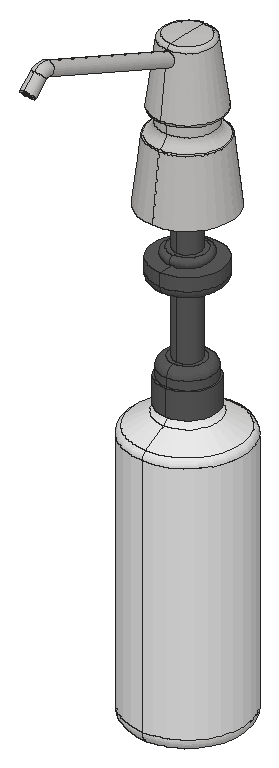
Revit family
Parameters (values of type "B-8236")
  Width = 2 9/16"
  Warranty Information = "3 Year Limited Warranty"
  URL = "http://www.bobrick.com/"
  Specification = "Top-fill counter-mounted manual foam soap dispenser shall dispense 7ml of foam using 0.5ml of commercially marketed foam soaps. Cover shall be constructed of durable die-cast zinc with bright polish finish. Spout assembly shall be type-304 stainless steel with bright polished finish. Dispenser shall be equipped with integrated funnel to facilitate re-filling of soap. Spout shall rotate 360° without damage to valve mechanism. Valve shall be operable with one hand and with less than 5 pounds of force (22.2 N) to comply with accessible design (including ADAAG in U.S.A.). Escutcheon shall lock to body with concealed locking mechanism that is opened with special key provided. Foam Dispensing assembly shall be removable from top for filling and maintenance. Shank shall accommodate mounting thicknesses up to 3'' (76mm). Translucent, shatter-resistant polyethylene container shall have a capacity of 34-fl oz (1.0-L)."
  Product Page URL = "http://www.bobrick.com/washroomaccessories/Pages/Products.aspx?Category%3dCounter-Mounted+Soap+Dispensers"
  Price = "Prices may vary. Please consult Manufacturer Representative for most up-to-date price list."  # constant formula
  Model = "B-8236"
  Material = "Stainless Steel-Bobrick-Polished"
  Manufacturer = "Bobrick Washroom Equipment, Inc"
  Length = 6"
  Installation Type = "Counter-Mounted"
  Height = 6 1/16"
  Description = "Bobrick Top-Fill Counter-Mounted Manual Foam Soap Dispenser"
  Default Elevation = 0"
  Creation Date = "1/12/2015"  # constant formula
  Assembly Code = "C1030210"
  ADA Compliant = yes
Reference planes (in)
  plane 1 "Center (Front/Back)": y = 0
  plane 2: z = 0
  plane 3 "Center (Left/Right)": x = 0
  plane 4: z = 4.5
  plane 5: y = -6
  plane 6: z = -13.5625
  plane 7: z = -3
  plane 8: y = -1.28125
  plane 9: y = 1.28125
  plane 10: z = -4
  plane 11: y = 1.65625
  plane 12: y = -1.65625
  plane 13: z = 6.0625
Forms (in)
  Revolve 1, solid, material "ABS Plastic-Bobrick-White"
    sketch origin (0, 0, 0) x (0, 1, 0) y (0, 0, 1)
      loop
        line (0, -13.5625) -> (1.28125, -13.5625)
        arc (1.28125, -13.5625) -> (1.54642, -13.45267) -> (1.65625, -13.1875) r 0.375
        line (1.65625, -13.1875) -> (1.65625, -6.04359)
        arc (1.65625, -6.04359) -> (1.62276, -5.91859) -> (1.53125, -5.82709) r 0.25
        line (1.53125, -5.82709) -> (0.87682, -5.44925)
        arc (0.87682, -5.44925) -> (0.76775, -5.36332) -> (0.6875, -5.25) r 0.48489
        line (0.6875, -5.25) -> (0.8125, -5.25) -> (0.8125, -4.5) -> (0.75, -4.5) -> (0.75, -4.25)
        arc (0.75, -4.25) -> (0.67678, -4.07322) -> (0.5, -4) r 0.25
        line (0.5, -4) -> (0.375, -4) -> (0.375, -2) -> (0.75, -2)
        arc (0.75, -2) -> (0.92678, -1.92678) -> (1, -1.75) r 0.25
        line (1, -1.75) -> (1, -1.375) -> (0.5253, -1.375)
        arc (0.5253, -1.375) -> (0.6503, -1.25) -> (0.5253, -1.125) r 0.125
        line (0.5253, -1.125) -> (0.375, -1.125) -> (0.375, 0) -> (0, 0) -> (0, -13.5625)
      axis (0, -13.5625) -> (0, 0)
    angle from 0 to 360
  Sweep 2, solid, material "Stainless Steel-Bobrick-Polished"
    path origin (0, 0.08781, -0.09162) x (0, 1, 0) y (0, 0, 1)
      loop
        line (-0.08781, 4.16054) -> (-5.1946, 6.12085)
        arc (-5.1946, 6.12085) -> (-5.46278, 6.1455) -> (-5.70431, 6.02639) r 0.49607
        line (-5.70431, 6.02639) -> (-6.08781, 5.68108)
    profile origin (0, -2.55339, 5.04908) x (0, -0.358368, -0.93358) y (1, 0, 0)
      loop
        circle (0.2, 0) r 0.2
      loop
        circle (0.2, 0) r 0.16875
  Revolve 3, solid, material "Stainless Steel-Bobrick-Polished"
    sketch origin (0, 0, 0) x (0, 1, 0) y (0, 0, 1)
      loop
        line (0, 0) -> (1.28125, 0) -> (1.06516, 1.84662)
        arc (1.06516, 1.84662) -> (1.05652, 1.86478) -> (1.0386, 1.87392) r 0.03125
        arc (1.0386, 1.87392) -> (0.8469, 1.9788) -> (0.77059, 2.18357) r 0.31289
        line (0.77059, 2.18357) -> (0.77059, 2.66749) -> (0.94727, 2.5625)
        arc (0.94727, 2.5625) -> (0.97085, 2.57325) -> (0.97822, 2.5981) r 0.03125
        line (0.97822, 2.5981) -> (0.72938, 4.36864)
        arc (0.72938, 4.36864) -> (0.69145, 4.4421) -> (0.61595, 4.47581) r 0.125
        arc (0.61595, 4.47581) -> (0.30824, 4.49494) -> (0, 4.50121) r 7.38964
        line (0, 4.50121) -> (0, 0)
      axis (0, 4.50121) -> (0, 0)
    angle from 0 to 360
Cuts and joins
  joined: Sweep 2, Revolve 3
Lines and regions (in)
  Masking region 1
    outline origin (0, 0, 0) x (0, 1, 0) y (0, 0, 1)
      loop
        line (-1.28125, -13.5625) -> (1.28125, -13.5625)
        arc (1.28125, -13.5625) -> (1.54642, -13.45267) -> (1.65625, -13.1875) r 0.375
        line (1.65625, -13.1875) -> (1.65625, -6.04359)
        arc (1.65625, -6.04359) -> (1.62276, -5.91859) -> (1.53125, -5.82709) r 0.25
        line (1.53125, -5.82709) -> (0.87682, -5.44925)
        arc (0.87682, -5.44925) -> (0.76775, -5.36332) -> (0.6875, -5.25) r 0.48489
        line (0.6875, -5.25) -> (0.8125, -5.25) -> (0.8125, -4.5) -> (0.75, -4.5) -> (0.75, -4.25)
        arc (0.75, -4.25) -> (0.67678, -4.07322) -> (0.5, -4) r 0.25
        line (0.5, -4) -> (0.375, -4) -> (0.375, -2) -> (0.75, -2)
        arc (0.75, -2) -> (0.92678, -1.92678) -> (1, -1.75) r 0.25
        line (1, -1.75) -> (1, -1.375) -> (0.5253, -1.375)
        arc (0.5253, -1.375) -> (0.6503, -1.25) -> (0.5253, -1.125) r 0.125
        line (0.5253, -1.125) -> (0.375, -1.125) -> (0.375, 0) -> (1.28125, 0) -> (1.06516, 1.84662)
        arc (1.06516, 1.84662) -> (1.05652, 1.86478) -> (1.0386, 1.87392) r 0.03125
        arc (1.0386, 1.87392) -> (0.8469, 1.9788) -> (0.77059, 2.18357) r 0.31289
        line (0.77059, 2.18357) -> (0.77059, 2.5625) -> (0.94727, 2.5625)
        arc (0.94727, 2.5625) -> (0.97085, 2.57325) -> (0.97822, 2.5981) r 0.03125
        line (0.97822, 2.5981) -> (0.72938, 4.36864)
        arc (0.72938, 4.36864) -> (0.69145, 4.4421) -> (0.61595, 4.47581) r 0.125
        arc (0.61595, 4.47581) -> (0.00629, 4.50121) -> (-0.60339, 4.47622) r 7.38964
        arc (-0.60339, 4.47622) -> (-0.69387, 4.43975) -> (-0.73058, 4.34937) r 0.125
        line (-0.73058, 4.34937) -> (-5.10681, 6.02925)
        arc (-5.10681, 6.02925) -> (-5.37497, 6.05389) -> (-5.61648, 5.93479) r 0.49603
        line (-5.61648, 5.93479) -> (-6, 5.58946) -> (-5.73235, 5.29221) -> (-5.34897, 5.6374)
        arc (-5.34897, 5.6374) -> (-5.30206, 5.66053) -> (-5.24998, 5.65575) r 0.09634
        line (-5.24998, 5.65575) -> (-0.78915, 3.94339) -> (-0.97822, 2.5981)
        arc (-0.97822, 2.5981) -> (-0.97085, 2.57325) -> (-0.94727, 2.5625) r 0.03125
        line (-0.94727, 2.5625) -> (-0.77059, 2.5625) -> (-0.77059, 2.18357)
        arc (-0.77059, 2.18357) -> (-0.8469, 1.9788) -> (-1.0386, 1.87392) r 0.31289
        arc (-1.0386, 1.87392) -> (-1.05652, 1.86478) -> (-1.06516, 1.84662) r 0.03125
        line (-1.06516, 1.84662) -> (-1.28125, 0) -> (-0.375, 0) -> (-0.375, -1.125) -> (-0.5253, -1.125)
        arc (-0.5253, -1.125) -> (-0.6503, -1.25) -> (-0.5253, -1.375) r 0.125
        line (-0.5253, -1.375) -> (-1, -1.375) -> (-1, -1.75)
        arc (-1, -1.75) -> (-0.92678, -1.92678) -> (-0.75, -2) r 0.25
        line (-0.75, -2) -> (-0.375, -2) -> (-0.375, -4) -> (-0.5, -4)
        arc (-0.5, -4) -> (-0.67678, -4.07322) -> (-0.75, -4.25) r 0.25
        line (-0.75, -4.25) -> (-0.75, -4.5) -> (-0.8125, -4.5) -> (-0.8125, -5.25) -> (-0.6875, -5.25)
        arc (-0.6875, -5.25) -> (-0.76775, -5.36332) -> (-0.87682, -5.44925) r 0.48489
        line (-0.87682, -5.44925) -> (-1.53125, -5.82709)
        arc (-1.53125, -5.82709) -> (-1.62276, -5.91859) -> (-1.65625, -6.04359) r 0.25
        line (-1.65625, -6.04359) -> (-1.65625, -13.1875)
        arc (-1.65625, -13.1875) -> (-1.54642, -13.45267) -> (-1.28125, -13.5625) r 0.375
  Masking region 2
    outline origin (0, 0, 0) x (1, 0, 0) y (0, 1, 0)
      loop
        line (-0.2, -1.26554) -> (-0.2, -5.86617)
        spline (-0.2, -5.86617) -> (-0.19319, -5.90081) -> (-0.17321, -5.93309) -> (-0.14142, -5.9608) -> (-0.1, -5.98207) -> (-0.05176, -5.99544) -> (0, -6) -> (0.05176, -5.99544) -> (0.1, -5.98207) -> (0.14142, -5.9608) -> (0.17321, -5.93309) -> (0.19319, -5.90081) -> (0.2, -5.86617)
        line (0.2, -5.86617) -> (0.2, -1.26554)
        arc (0.2, -1.26554) -> (0, 1.28125) -> (-0.2, -1.26554) r 1.28125
  Masking region 3
    outline origin (0, 0, 0) x (1, 0, 0) y (0, 0, 1)
      loop
        arc (1.28125, -13.5625) -> (1.54642, -13.45267) -> (1.65625, -13.1875) r 0.375
        line (1.65625, -13.1875) -> (1.65625, -6.04359)
        arc (1.65625, -6.04359) -> (1.62276, -5.91859) -> (1.53125, -5.82709) r 0.25
        line (1.53125, -5.82709) -> (0.87682, -5.44925)
        arc (0.87682, -5.44925) -> (0.76775, -5.36332) -> (0.6875, -5.25) r 0.48489
        line (0.6875, -5.25) -> (0.8125, -5.25) -> (0.8125, -4.5) -> (0.75, -4.5) -> (0.75, -4.25)
        arc (0.75, -4.25) -> (0.67678, -4.07322) -> (0.5, -4) r 0.25
        line (0.5, -4) -> (0.375, -4) -> (0.375, -2) -> (0.75, -2)
        arc (0.75, -2) -> (0.92678, -1.92678) -> (1, -1.75) r 0.25
        line (1, -1.75) -> (1, -1.375) -> (0.5253, -1.375)
        arc (0.5253, -1.375) -> (0.6503, -1.25) -> (0.5253, -1.125) r 0.125
        line (0.5253, -1.125) -> (0.375, -1.125) -> (0.375, 0) -> (1.28125, 0) -> (1.06516, 1.84662)
        arc (1.06516, 1.84662) -> (1.05652, 1.86478) -> (1.0386, 1.87392) r 0.03125
        arc (1.0386, 1.87392) -> (0.8469, 1.9788) -> (0.77059, 2.18357) r 0.31289
        line (0.77059, 2.18357) -> (0.77059, 2.5625) -> (0.94727, 2.5625)
        arc (0.94727, 2.5625) -> (0.97085, 2.57325) -> (0.97822, 2.5981) r 0.03125
        line (0.97822, 2.5981) -> (0.80667, 3.8187) -> (0.72938, 4.36864)
        arc (0.72938, 4.36864) -> (0.68677, 4.4463) -> (0.60339, 4.47622) r 0.125
        arc (0.60339, 4.47622) -> (0.40185, 4.49007) -> (0.2, 4.4984) r 7.38964
        line (0.2, 4.4984) -> (0.2, 5.8625)
        arc (0.2, 5.8625) -> (0, 6.0625) -> (-0.2, 5.8625) r 0.2
        line (-0.2, 5.8625) -> (-0.2, 4.64357) -> (-0.2, 4.49861)
        arc (-0.2, 4.49861) -> (-0.40814, 4.49014) -> (-0.61595, 4.47581) r 7.38964
        arc (-0.61595, 4.47581) -> (-0.69145, 4.4421) -> (-0.72938, 4.36864) r 0.125
        line (-0.72938, 4.36864) -> (-0.97822, 2.5981)
        arc (-0.97822, 2.5981) -> (-0.97085, 2.57325) -> (-0.94727, 2.5625) r 0.03125
        line (-0.94727, 2.5625) -> (-0.77059, 2.5625) -> (-0.77059, 2.18357)
        arc (-0.77059, 2.18357) -> (-0.8469, 1.9788) -> (-1.0386, 1.87392) r 0.31289
        arc (-1.0386, 1.87392) -> (-1.05652, 1.86478) -> (-1.06516, 1.84662) r 0.03125
        line (-1.06516, 1.84662) -> (-1.28125, 0) -> (-0.375, 0) -> (-0.375, -1.125) -> (-0.5253, -1.125)
        arc (-0.5253, -1.125) -> (-0.6503, -1.25) -> (-0.5253, -1.375) r 0.125
        line (-0.5253, -1.375) -> (-1, -1.375) -> (-1, -1.75)
        arc (-1, -1.75) -> (-0.92678, -1.92678) -> (-0.75, -2) r 0.25
        line (-0.75, -2) -> (-0.375, -2) -> (-0.375, -4) -> (-0.5, -4)
        arc (-0.5, -4) -> (-0.67678, -4.07322) -> (-0.75, -4.25) r 0.25
        line (-0.75, -4.25) -> (-0.75, -4.5) -> (-0.8125, -4.5) -> (-0.8125, -5.25) -> (-0.6875, -5.25)
        arc (-0.6875, -5.25) -> (-0.76775, -5.36332) -> (-0.87682, -5.44925) r 0.48489
        line (-0.87682, -5.44925) -> (-1.53125, -5.82709)
        arc (-1.53125, -5.82709) -> (-1.62276, -5.91859) -> (-1.65625, -6.04359) r 0.25
        line (-1.65625, -6.04359) -> (-1.65625, -13.1875)
        arc (-1.65625, -13.1875) -> (-1.54642, -13.45267) -> (-1.28125, -13.5625) r 0.375
        line (-1.28125, -13.5625) -> (1.28125, -13.5625)
  symbolic lines, detail levels medium+fine
    curve 1: line (0, 0.77059, 2.5625) -> (0, -0.77059, 2.5625)
    curve 2: line (0, 0.375, 0) -> (0, -0.375, 0)
    curve 3: arc (0, -0.73058, 4.34937) -> (0, -0.71062, 4.13646) -> (0, -0.7885, 3.9373) r 0.46286
    curve 4: line (0, 0.5253, -1.375) -> (0, -0.5253, -1.375)
    curve 5: line (0, 0.375, -2) -> (0, -0.343, -2)
    curve 6: line (0, 0.4375, -4) -> (0, -0.40625, -4)
    curve 7: line (0, -0.6875, -5.25) -> (0, 0.6875, -5.25)
    curve 35: line (-0.2, -1.26554, 0) -> (-0.2, -0.72284, 0)
    curve 36: line (0.2, -1.26554, 0) -> (0.2, -0.72284, 0)
    curve 37: circle (0, 0, 0) r 0.75 normal (0, 0, 1)
    curve 38: spline (-0.2, 0, 5.44083) -> (-0.19319, 0, 5.40237) -> (-0.17321, 0, 5.36652) -> (-0.14142, 0, 5.33574) -> (-0.1, 0, 5.31212) -> (-0.05176, 0, 5.29727) -> (0, 0, 5.29221) -> (0.05176, 0, 5.29727) -> (0.1, 0, 5.31212) -> (0.14142, 0, 5.33574) -> (0.17321, 0, 5.36652) -> (0.19319, 0, 5.40237) -> (0.2, 0, 5.44083) -> (0.19319, 0, 5.4793) -> (0.17321, 0, 5.51515) -> (0.14142, 0, 5.54593) -> (0.1, 0, 5.56955) -> (0.05176, 0, 5.5844) -> (0, 0, 5.58946) -> (-0.05176, 0, 5.5844) -> (-0.1, 0, 5.56955) -> (-0.14142, 0, 5.54593) -> (-0.17321, 0, 5.51515) -> (-0.19319, 0, 5.4793) -> (-0.2, 0, 5.44083)
    curve 39: spline (-0.16875, 0, 5.44083) -> (-0.163, 0, 5.47329) -> (-0.14614, 0, 5.50354) -> (-0.11932, 0, 5.52951) -> (-0.08437, 0, 5.54944) -> (-0.04368, 0, 5.56197) -> (0, 0, 5.56624) -> (0.04368, 0, 5.56197) -> (0.08438, 0, 5.54944) -> (0.11932, 0, 5.52951) -> (0.14614, 0, 5.50354) -> (0.163, 0, 5.47329) -> (0.16875, 0, 5.44083) -> (0.163, 0, 5.40838) -> (0.14614, 0, 5.37813) -> (0.11932, 0, 5.35216) -> (0.08438, 0, 5.33223) -> (0.04368, 0, 5.3197) -> (0, 0, 5.31543) -> (-0.04368, 0, 5.3197) -> (-0.08437, 0, 5.33223) -> (-0.11932, 0, 5.35216) -> (-0.14614, 0, 5.37813) -> (-0.163, 0, 5.40838) -> (-0.16875, 0, 5.44083)
    curve 40: line (-0.19999, 0, 4.49869) -> (-0.19999, 0, 4.13612)
    curve 41: line (0.19999, 0, 4.49869) -> (0.19999, 0, 4.13612)
    curve 42: arc (-0.19999, 0, 4.13612) -> (0, 0, 3.93613) -> (0.19999, 0, 4.13612) r 0.19999
    curve 43: line (-0.77059, 0, 2.5625) -> (0.77059, 0, 2.5625)
    curve 44: line (-0.375, 0, 0) -> (0.375, 0, 0)
    curve 45: line (-0.5253, 0, -1.375) -> (0.5253, 0, -1.375)
    curve 46: line (0.375, 0, -2) -> (-0.375, 0, -2)
    curve 47: line (-0.40625, 0, -4) -> (0.40625, 0, -4)
    curve 48: line (-0.6875, 0, -5.25) -> (0.6875, 0, -5.25)
  symbolic lines, detail levels fine
    curve 8: line (0, 0.75, -4.5) -> (0, 0.4375, -4.5)
    curve 9: line (0, 0.375, -1.125) -> (0, -0.375, -1.125)
    curve 10: line (0, 1.0386, 1.87392) -> (0, -1.0386, 1.87392)
    curve 11: line (0, 0.625, -1.75) -> (0, 0.625, -1.40625)
    curve 12: arc (0, 0.375, -2) -> (0, 0.55178, -1.92678) -> (0, 0.625, -1.75) r 0.25
    curve 13: line (0, 0.593, -1.75) -> (0, 0.593, -1.40625)
    curve 14: arc (0, 0.343, -2) -> (0, 0.51978, -1.92678) -> (0, 0.593, -1.75) r 0.25
    curve 15: line (0, -0.625, -1.75) -> (0, -0.625, -1.40625)
    curve 16: line (0, -0.593, -1.75) -> (0, -0.593, -1.40625)
    curve 17: arc (0, -0.343, -2) -> (0, -0.51978, -1.92678) -> (0, -0.593, -1.75) r 0.25
    curve 18: arc (0, -0.375, -2) -> (0, -0.55178, -1.92678) -> (0, -0.625, -1.75) r 0.25
    curve 19: line (0, 0.01637, -2) -> (0, 0.01637, -1.40625)
    curve 20: line (0, -0.01563, -2) -> (0, -0.01563, -1.40625)
    curve 21: line (0, 1, -1.40625) -> (0, 0.625, -1.40625)
    curve 22: line (0, 0.4375, -4) -> (0, 0.4375, -4.5)
    curve 23: line (0, 0.40625, -4) -> (0, 0.40625, -4.5)
    curve 24: line (0, -0.4375, -4) -> (0, -0.4375, -4.5)
    curve 25: line (0, -0.40625, -4) -> (0, -0.40625, -4.5)
    curve 26: line (0, -0.0161, -4) -> (0, -0.0161, -4.5)
    curve 27: line (0, 0.01515, -4) -> (0, 0.01515, -4.5)
    curve 28: line (0, 0.40625, -4.5) -> (0, 0.01515, -4.5)
    curve 29: line (0, -0.0161, -4.5) -> (0, -0.40625, -4.5)
    curve 30: line (0, -0.4375, -4.5) -> (0, -0.75, -4.5)
    curve 31: line (0, 0.593, -1.40625) -> (0, 0.01637, -1.40625)
    curve 32: line (0, -0.01563, -1.40625) -> (0, -0.593, -1.40625)
    curve 33: line (0, -0.625, -1.40625) -> (0, -1, -1.40625)
    curve 34: arc (0.2, -0.9798, 0) -> (0, 1, 0) -> (-0.2, -0.9798, 0) r 1
    curve 49: line (-0.75, 0, -4.5) -> (-0.43825, 0, -4.5)
    curve 50: line (-1.0386, 0, 1.87392) -> (1.0386, 0, 1.87392)
    curve 51: line (-0.375, 0, -1.125) -> (0.375, 0, -1.125)
    curve 52: line (1, 0, -1.40625) -> (0.625, 0, -1.40625)
    curve 53: line (-0.625, 0, -1.40625) -> (-0.625, 0, -1.75)
    curve 54: arc (-0.625, 0, -1.75) -> (-0.55178, 0, -1.92678) -> (-0.375, 0, -2) r 0.25
    curve 55: line (-0.5927, 0, -1.40625) -> (-0.5927, 0, -1.75)
    curve 56: arc (-0.5927, 0, -1.75) -> (-0.51948, 0, -1.92678) -> (-0.3427, 0, -2) r 0.25
    curve 57: line (0.625, 0, -1.40625) -> (0.625, 0, -1.75)
    curve 58: arc (0.625, 0, -1.75) -> (0.55178, 0, -1.92678) -> (0.375, 0, -2) r 0.25
    curve 59: line (0.593, 0, -1.40625) -> (0.593, 0, -1.75)
    curve 60: arc (0.593, 0, -1.75) -> (0.51978, 0, -1.92678) -> (0.343, 0, -2) r 0.25
    curve 61: line (0.01552, 0, -1.40625) -> (0.01552, 0, -2)
    curve 62: line (-0.01648, 0, -1.40625) -> (-0.01648, 0, -2)
    curve 63: line (-0.625, 0, -1.40625) -> (-1, 0, -1.40625)
    curve 64: line (-0.01648, 0, -1.40625) -> (-0.5927, 0, -1.40625)
    curve 65: line (0.593, 0, -1.40625) -> (0.01552, 0, -1.40625)
    curve 66: line (0.01552, 0, -4) -> (0.01552, 0, -4.5)
    curve 67: line (-0.01648, 0, -4) -> (-0.01648, 0, -4.5)
    curve 68: line (-0.40625, 0, -4) -> (-0.40625, 0, -4.5)
    curve 69: line (-0.43825, 0, -4) -> (-0.43825, 0, -4.5)
    curve 70: line (0.40625, 0, -4) -> (0.40625, 0, -4.5)
    curve 71: line (0.43825, 0, -4) -> (0.43825, 0, -4.5)
    curve 72: line (-0.40625, 0, -4.5) -> (-0.01648, 0, -4.5)
    curve 73: line (0.01552, 0, -4.5) -> (0.40625, 0, -4.5)
    curve 74: line (0.43825, 0, -4.5) -> (0.75, 0, -4.5)
Dimensions and locks (in)
  "Length": plane 1 "Center (Front/Back)" to plane 5
  plane 4 to level to plane 6 = 4 1/2", 13 9/16"
  plane 6 to plane 10 = 9 9/16"
  "Width": plane 9 to plane 8
  plane 11 to plane 12 = 3 5/16"
  "Height": plane 13 to level
  aligned and locked: plane 5 to Sweep 2 sketch curve
Automatic sketch dimensions
  Revolve 1 sketch curve to plane 1 "Center (Front/Back)" = 0"  (x2)
  Revolve 1 sketch curve to plane 10 = 0"
  Revolve 1 sketch curve to level = 0"
  plane 6 to Revolve 1 sketch curve = 0"
  Revolve 1 sketch curve to plane 9 = 0"
  Revolve 1 sketch curve to plane 11 = 0"
  Revolve 1 sketch curve to plane 1 "Center (Front/Back)" = 3/8"  (x2)
  Revolve 1 sketch curve to Revolve 1 sketch curve = 1/8"  (x3)
  Revolve 1 sketch curve to Revolve 1 sketch curve = 0.1503"
  Revolve 1 sketch curve to Revolve 1 sketch curve = 0"  (x2)
  Revolve 1 sketch curve to plane 9 = 19/32"
  Revolve 1 sketch curve to Revolve 1 sketch curve = 1/4"  (x3)
  Revolve 1 sketch curve to Revolve 1 sketch curve = 3/8"  (x2)
  Revolve 1 sketch curve to Revolve 1 sketch curve = 0.06432"
  Revolve 1 sketch curve to plane 9 = 9/32"
  Revolve 1 sketch curve to plane 9 = 0.16199"
  plane 9 to Revolve 1 sketch curve = 1/8"
  Revolve 1 sketch curve to plane 11 = 1/8"
  Revolve 1 sketch curve to Revolve 1 sketch curve = 1.79359"
  Revolve 1 sketch curve to Revolve 1 sketch curve = 0.37784"
  Revolve 1 sketch curve to Revolve 1 sketch curve = 0.19925"
  plane 10 to Revolve 1 sketch curve = 0.39154"
  Revolve 1 sketch curve to plane 7 = 1"
  Sweep 2 sketch curve to Sweep 2 sketch curve = 0"  (x2)
  Sweep 2 sketch curve to plane 3 "Center (Left/Right)" = 0"
  Sweep 2 sketch curve to profile plane = 0.2"
  curve 24 to plane 10 = 0"
  curve 6 to plane 10 = 0"
  curve 2 to level = 0"
  curve 3 to plane 8 = 0.11227"
  curve 10 to plane 8 = 0.24265"
  curve 33 to plane 8 = 9/32"
  curve 3 to curve 3 = 0.38048"
  curve 1 to plane 8 = 0.51066"
  curve 30 to plane 8 = 17/32"
  curve 3 to plane 4 = 0.15063"
  curve 3 to curve 3 = 0.05791"
  curve 7 to plane 8 = 19/32"
  curve 33 to curve 18 = 3/8"
  curve 15 to curve 32 = 0.032"
  curve 16 to curve 4 = 0.0677"
  curve 30 to curve 30 = 5/16"
  curve 24 to curve 6 = 1/32"
  curve 16 to curve 18 = 0.218"
  plane 1 "Center (Front/Back)" to curve 2 = 3/8"
  curve 4 to curve 9 = 0.1503"
  curve 18 to curve 5 = 0.032"
  curve 18 to curve 17 = 0.032"
  plane 1 "Center (Front/Back)" to curve 26 = 0.0161"
  plane 1 "Center (Front/Back)" to curve 32 = 1/64"
  curve 28 to plane 1 "Center (Front/Back)" = 0.01515"
  curve 19 to plane 1 "Center (Front/Back)" = 0.01637"
  curve 19 to curve 14 = 0.32662"
  curve 9 to plane 1 "Center (Front/Back)" = 3/8"
  curve 14 to curve 12 = 0.032"
  curve 2 to plane 1 "Center (Front/Back)" = 3/8"
  curve 27 to curve 28 = 0.3911"
  curve 23 to curve 6 = 1/32"
  curve 9 to curve 4 = 0.1503"
  curve 4 to curve 13 = 0.0677"
  curve 13 to curve 11 = 0.032"
  curve 7 to plane 9 = 19/32"
  curve 8 to curve 8 = 5/16"
  curve 1 to plane 9 = 0.51066"
  curve 21 to plane 9 = 9/32"
  curve 10 to plane 9 = 0.24265"
  curve 8 to plane 10 = 1/2"
  curve 30 to plane 10 = 1/2"
  curve 24 to curve 29 = 0"
  curve 23 to curve 8 = 0"
  curve 7 to curve 8 = 3/4"
  curve 5 to plane 7 = 1"
  curve 18 to curve 5 = 0"
  curve 11 to curve 21 = 11/32"
  curve 13 to curve 11 = 0"
  curve 18 to curve 33 = 11/32"
  curve 15 to curve 16 = 0"
  curve 16 to curve 4 = 1/32"
  curve 4 to curve 9 = 1/4"
  level to curve 10 = 1.87392"
  curve 10 to curve 1 = 0.68858"
  curve 3 to curve 3 = 0.41207"
  plane 1 "Center (Front/Back)" to Masking region 2 sketch curve = 0"
  Masking region 2 sketch curve to plane 3 "Center (Left/Right)" = 0"
  Masking region 2 sketch curve to Masking region 2 sketch curve = 0.2"
  Masking region 2 sketch curve to plane 8 = 0.01571"
  Masking region 2 sketch curve to Masking region 2 sketch curve = 0"
  Masking region 2 sketch curve to plane 5 = 0.13383"
  curve 34 to curve 37 = 0"  (x2)
  plane 1 "Center (Front/Back)" to curve 37 = 0"
  curve 37 to plane 3 "Center (Left/Right)" = 0"
  curve 35 to plane 3 "Center (Left/Right)" = 0.2"
  curve 36 to plane 8 = 0.55841"
  curve 35 to curve 36 = 0"
  curve 36 to plane 8 = 0.01571"
  curve 35 to plane 8 = 0.01571"
  Revolve 3 sketch curve to level = 0"
  Revolve 3 sketch curve to plane 1 "Center (Front/Back)" = 0"  (x2)
  Revolve 3 sketch curve to plane 9 = 0"
  Revolve 3 sketch curve to plane 1 "Center (Front/Back)" = 0.0038"
  Revolve 3 sketch curve to plane 4 = 0.14876"
  Revolve 3 sketch curve to plane 1 "Center (Front/Back)" = 0.6056"
  Revolve 3 sketch curve to plane 4 = 0.02419"
  Revolve 3 sketch curve to Revolve 3 sketch curve = 0.01035"
  Revolve 3 sketch curve to Revolve 3 sketch curve = 0"  (x2)
  Revolve 3 sketch curve to plane 4 = 0.13136"
  Revolve 3 sketch curve to plane 9 = 0.51066"
  Revolve 3 sketch curve to Revolve 3 sketch curve = 0.17668"
  Revolve 3 sketch curve to Revolve 3 sketch curve = 0.03095"
  Revolve 3 sketch curve to plane 9 = 0.24713"
  Revolve 3 sketch curve to Revolve 3 sketch curve = 0.00448"
  Revolve 3 sketch curve to Revolve 3 sketch curve = 0.03104"
  Revolve 3 sketch curve to plane 9 = 0.19778"
  level to Revolve 3 sketch curve = 1.84299"
  Revolve 3 sketch curve to Revolve 3 sketch curve = 0.37893"
  Revolve 3 sketch curve to Revolve 3 sketch curve = 1/32"
  Revolve 3 sketch curve to Revolve 3 sketch curve = 0.07374"
  Revolve 3 sketch curve to Revolve 3 sketch curve = 0.59239"
  Revolve 3 sketch curve to Revolve 3 sketch curve = 0.46721"
  Masking region 3 sketch curve to Masking region 3 sketch curve = 0"  (x9)
  Masking region 3 sketch curve to plane 6 = 0"
  Masking region 3 sketch curve to level = 0"  (x2)
  Masking region 3 sketch curve to plane 10 = 0"  (x2)
  Masking region 3 sketch curve to plane 3 "Center (Left/Right)" = 0"
  Masking region 3 sketch curve to plane 3 "Center (Left/Right)" = 0.0038"
  Masking region 3 sketch curve to plane 3 "Center (Left/Right)" = 0.2"
  Masking region 3 sketch curve to plane 3 "Center (Left/Right)" = 3/8"  (x2)
  Masking region 3 sketch curve to Masking region 3 sketch curve = 1/8"  (x9)
  Masking region 3 sketch curve to Masking region 3 sketch curve = 0.1503"  (x2)
  Masking region 3 sketch curve to plane 4 = 0.14876"
  Masking region 3 sketch curve to Masking region 3 sketch curve = 0.4056"
  Masking region 3 sketch curve to plane 4 = 0.02419"
  Masking region 3 sketch curve to Masking region 3 sketch curve = 0.01035"
  Masking region 3 sketch curve to plane 3 "Center (Left/Right)" = 11/16"
  Masking region 3 sketch curve to plane 4 = 0.13136"  (x2)
  Masking region 3 sketch curve to Masking region 3 sketch curve = 1/4"  (x6)
  Masking region 3 sketch curve to Masking region 3 sketch curve = 0.2247"
  Masking region 3 sketch curve to plane 3 "Center (Left/Right)" = 0.77059"
  Masking region 3 sketch curve to Masking region 3 sketch curve = 0.06432"  (x2)
  Masking region 3 sketch curve to Masking region 3 sketch curve = 0.17668"  (x2)
  Masking region 3 sketch curve to Masking region 3 sketch curve = 0.03095"  (x2)
  Masking region 3 sketch curve to Masking region 3 sketch curve = 0.26353"  (x2)
  Masking region 3 sketch curve to Masking region 3 sketch curve = 0.00448"  (x2)
  Masking region 3 sketch curve to Masking region 3 sketch curve = 0.03104"  (x2)
  Masking region 3 sketch curve to Masking region 3 sketch curve = 0.04487"  (x2)
  Masking region 3 sketch curve to Masking region 3 sketch curve = 0.30676"  (x2)
  Masking region 3 sketch curve to Masking region 3 sketch curve = 29/32"  (x2)
  Masking region 3 sketch curve to plane 3 "Center (Left/Right)" = 1 9/32"
  Masking region 3 sketch curve to Masking region 3 sketch curve = 0.52943"  (x2)
  Masking region 3 sketch curve to plane 6 = 3/8"
  plane 3 "Center (Left/Right)" to Masking region 3 sketch curve = 3/8"  (x2)
  Masking region 3 sketch curve to plane 4 = 0.02378"
  Masking region 3 sketch curve to Masking region 3 sketch curve = 0.40339"
  Masking region 3 sketch curve to Masking region 3 sketch curve = 0.00221"
  plane 3 "Center (Left/Right)" to Masking region 3 sketch curve = 11/16"
  Masking region 3 sketch curve to Masking region 3 sketch curve = 0.12378"
  Masking region 3 sketch curve to Masking region 3 sketch curve = 3/8"  (x3)
  plane 3 "Center (Left/Right)" to Masking region 3 sketch curve = 0.77059"
  Masking region 3 sketch curve to Masking region 3 sketch curve = 0.07729"
  plane 3 "Center (Left/Right)" to Masking region 3 sketch curve = 1 9/32"
  Masking region 3 sketch curve to Masking region 3 sketch curve = 1.79359"  (x2)
  Masking region 3 sketch curve to Masking region 3 sketch curve = 0.37784"  (x2)
  Masking region 3 sketch curve to Masking region 3 sketch curve = 0.19925"  (x2)
  Masking region 3 sketch curve to plane 7 = 1"  (x2)
  level to Masking region 3 sketch curve = 1.84299"
  Masking region 3 sketch curve to Masking region 3 sketch curve = 0.34058"
  Masking region 3 sketch curve to Masking region 3 sketch curve = 0.37893"  (x2)
  Masking region 3 sketch curve to Masking region 3 sketch curve = 1/32"  (x2)
  Masking region 3 sketch curve to Masking region 3 sketch curve = 0.54994"
  plane 4 to Masking region 3 sketch curve = 0.14357"
  curve 69 to plane 10 = 0"
  curve 68 to plane 10 = 0"
  curve 44 to level = 0"
  curve 38 to plane 3 "Center (Left/Right)" = 0"
  curve 42 to plane 3 "Center (Left/Right)" = 0"
  curve 39 to plane 3 "Center (Left/Right)" = 0"
  curve 71 to plane 10 = 0"
  curve 64 to plane 3 "Center (Left/Right)" = 0.01648"
  curve 39 to curve 38 = 0.16875"
  curve 42 to plane 3 "Center (Left/Right)" = 0.19999"
  curve 38 to curve 39 = 1/32"
  curve 56 to plane 3 "Center (Left/Right)" = 0.3427"
  curve 46 to curve 56 = 0.0323"
  curve 44 to plane 3 "Center (Left/Right)" = 3/8"
  curve 51 to plane 3 "Center (Left/Right)" = 3/8"
  curve 47 to curve 67 = 0.38977"
  curve 45 to curve 51 = 0.1503"
  curve 64 to curve 45 = 0.0674"
  curve 63 to curve 55 = 0.0323"
  curve 48 to plane 3 "Center (Left/Right)" = 11/16"
  curve 49 to curve 69 = 0.31175"
  curve 43 to plane 3 "Center (Left/Right)" = 0.77059"
  curve 63 to curve 53 = 3/8"
  curve 50 to curve 43 = 0.26801"
  plane 3 "Center (Left/Right)" to curve 61 = 0.01552"
  curve 61 to curve 60 = 0.32748"
  plane 3 "Center (Left/Right)" to curve 44 = 3/8"
  curve 60 to curve 58 = 0.032"
  plane 3 "Center (Left/Right)" to curve 51 = 3/8"
  curve 66 to curve 70 = 0.39073"
  curve 51 to curve 45 = 0.1503"
  curve 58 to curve 59 = 0.218"
  curve 59 to curve 57 = 0.032"
  plane 3 "Center (Left/Right)" to curve 48 = 11/16"
  curve 71 to curve 74 = 0.31175"
  plane 3 "Center (Left/Right)" to curve 43 = 0.77059"
  curve 52 to curve 52 = 3/8"
  curve 43 to curve 50 = 0.26801"
  curve 74 to plane 10 = 1/2"
  curve 66 to curve 67 = 0"
  curve 62 to plane 7 = 1"
  curve 56 to curve 54 = 0"
  curve 56 to curve 55 = 11/32"
  curve 60 to curve 65 = 11/32"
  curve 57 to curve 59 = 0"
  curve 53 to curve 55 = 0"
  curve 59 to curve 45 = 1/32"
  curve 45 to curve 51 = 1/4"
  level to curve 50 = 1.87392"
  curve 50 to curve 43 = 0.68858"
  curve 42 to plane 4 = 0.36388"
  curve 40 to plane 4 = 0.00131"
  curve 41 to plane 4 = 0.00131"
  plane 4 to curve 39 = 0.94083"
  curve 38 to curve 39 = 0"
  curve 48 to curve 71 = 3/4"
  curve 49 to curve 68 = 11/32"
  curve 69 to curve 72 = 0"
  plane 3 "Center (Left/Right)" to curve 73 = 0.01552"
  curve 49 to plane 3 "Center (Left/Right)" = 3/4"
  curve 70 to curve 71 = 0.032"
  curve 73 to curve 71 = 0"
  Masking region 3 sketch curve to Masking region 3 sketch curve = 1.21893"
  Sweep 2 sketch curve to plane 1 "Center (Front/Back)" = 0"
  Sweep 2 sketch curve to plane 13 = 0.12773"
  Sweep 2 sketch curve to plane 5 = 0.3835"
  Sweep 2 sketch curve to Sweep 2 sketch curve = 0.33193"
  Sweep 2 sketch curve to plane 13 = 0.03326"
  Sweep 2 sketch curve to Sweep 2 sketch curve = 0.17778"
  Sweep 2 sketch curve to plane 4 = 0.43107"
  Sweep 2 sketch curve to plane 13 = 0.47304"
  Masking region 1 sketch curve to plane 5 = 0"
  Masking region 1 sketch curve to plane 12 = 0"
  Masking region 1 sketch curve to level = 0"  (x2)
  Masking region 1 sketch curve to plane 8 = 0"  (x2)
  plane 6 to Masking region 1 sketch curve = 0"
  Masking region 1 sketch curve to plane 10 = 0"  (x2)
  Masking region 1 sketch curve to plane 9 = 0"  (x2)
  Masking region 1 sketch curve to plane 11 = 0"
  Masking region 1 sketch curve to plane 5 = 0.26765"
  Masking region 1 sketch curve to plane 13 = 0.12771"
  Masking region 1 sketch curve to plane 5 = 0.38352"
  Masking region 1 sketch curve to Masking region 1 sketch curve = 0.26751"
  Masking region 1 sketch curve to Masking region 1 sketch curve = 0.0644"
  Masking region 1 sketch curve to Masking region 1 sketch curve = 0.00007"
  Masking region 1 sketch curve to Masking region 1 sketch curve = 0.03459"
  Masking region 1 sketch curve to plane 13 = 0.03325"
  Masking region 1 sketch curve to Masking region 1 sketch curve = 0.14317"
  Masking region 1 sketch curve to plane 12 = 1/8"
  plane 8 to Masking region 1 sketch curve = 1/8"
  Masking region 1 sketch curve to plane 8 = 0.16199"
  Masking region 1 sketch curve to plane 8 = 0.19778"
  Masking region 1 sketch curve to plane 8 = 0.21609"
  Masking region 1 sketch curve to Masking region 1 sketch curve = 0.02656"
  Masking region 1 sketch curve to Masking region 1 sketch curve = 0"  (x8)
  Masking region 1 sketch curve to Masking region 1 sketch curve = 0.00448"  (x2)
  Masking region 1 sketch curve to plane 8 = 9/32"
  Masking region 1 sketch curve to plane 8 = 0.30303"
  Masking region 1 sketch curve to Masking region 1 sketch curve = 0.03095"  (x2)
  Masking region 1 sketch curve to plane 8 = 0.40443"
  Masking region 1 sketch curve to plane 8 = 15/32"
  Masking region 1 sketch curve to plane 8 = 0.4921"
  Masking region 1 sketch curve to Masking region 1 sketch curve = 0.17668"  (x2)
  Masking region 1 sketch curve to Masking region 1 sketch curve = 1/4"  (x5)
  Masking region 1 sketch curve to Masking region 1 sketch curve = 1/16"
  Masking region 1 sketch curve to Masking region 1 sketch curve = 1/8"  (x8)
  Masking region 1 sketch curve to plane 4 = 0.02378"
  Masking region 1 sketch curve to Masking region 1 sketch curve = 0.00221"
  Masking region 1 sketch curve to Masking region 1 sketch curve = 0.2247"
  plane 1 "Center (Front/Back)" to Masking region 1 sketch curve = 3/8"
  Masking region 1 sketch curve to plane 1 "Center (Front/Back)" = 0.0038"
  Masking region 1 sketch curve to plane 1 "Center (Front/Back)" = 3/8"  (x2)
  Masking region 1 sketch curve to Masking region 1 sketch curve = 0.1503"
  Masking region 1 sketch curve to plane 4 = 0.14876"
  Masking region 1 sketch curve to plane 1 "Center (Front/Back)" = 0.6056"
  Masking region 1 sketch curve to Masking region 1 sketch curve = 0.01035"
  Masking region 1 sketch curve to plane 9 = 19/32"
  Masking region 1 sketch curve to plane 4 = 0.13136"
  Masking region 1 sketch curve to plane 10 = 1/4"
  Masking region 1 sketch curve to Masking region 1 sketch curve = 3/8"  (x3)
  Masking region 1 sketch curve to plane 9 = 0.51066"
  Masking region 1 sketch curve to Masking region 1 sketch curve = 0.06432"
  Masking region 1 sketch curve to plane 9 = 0.24713"
  Masking region 1 sketch curve to Masking region 1 sketch curve = 0.03104"
  Masking region 1 sketch curve to plane 9 = 0.19778"
  Masking region 1 sketch curve to plane 9 = 0.16199"
  plane 9 to Masking region 1 sketch curve = 1/8"
  Masking region 1 sketch curve to plane 11 = 1/8"
  Masking region 1 sketch curve to Masking region 1 sketch curve = 1.79359"  (x2)
  Masking region 1 sketch curve to Masking region 1 sketch curve = 0.37784"  (x2)
  Masking region 1 sketch curve to Masking region 1 sketch curve = 0.19925"  (x2)
  Masking region 1 sketch curve to Masking region 1 sketch curve = 0.88843"
  level to Masking region 1 sketch curve = 1.84299"
  Masking region 1 sketch curve to Masking region 1 sketch curve = 0.34058"
  Masking region 1 sketch curve to Masking region 1 sketch curve = 0.37893"  (x2)
  Masking region 1 sketch curve to Masking region 1 sketch curve = 1/32"  (x2)
  Masking region 1 sketch curve to Masking region 1 sketch curve = 0.40598"
  Masking region 1 sketch curve to Masking region 1 sketch curve = 0.27396"
  Masking region 1 sketch curve to Masking region 1 sketch curve = 0.00036"
  Masking region 1 sketch curve to Masking region 1 sketch curve = 0.05856"
  radius of Sweep 2 sketch curve = 0.2"
  radius of Sweep 2 sketch curve = 0.16875"
  radius of curve 34 = 1"
